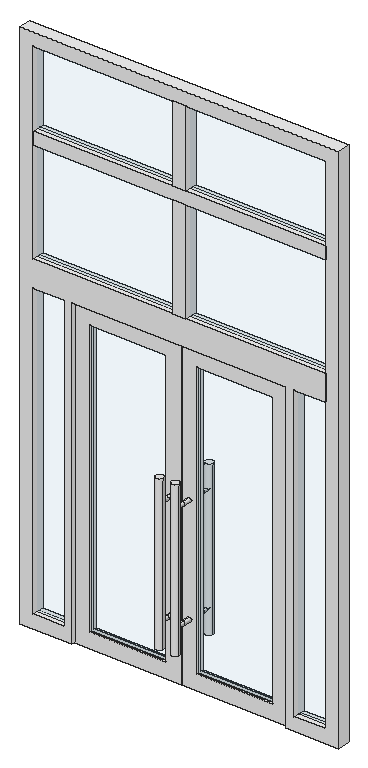
Revit family
Parameters (values of type "4200x2500 mm")
  프레임 = ""
  개구부 폭 = 1800 mm
  2프레임 = 프레임
  모서리 = 모서리
  철물 = ""
  Assembly Code = ""
  유리/마감 = ""
  유리 = 유리
  위치/개소 = ""
  부호 = "4/AD"
  문번호 = "4"
  문기호 = "AD"
  Height = 4200 mm
  Wall Closure = (empty or 0)
  Width = 2500 mm
Types (2, lengths in mm): name | 개구부 폭 | Width
  4200x2000 mm | 1920 | 2000
  4200x2500 mm | 1800 | 2500
Reference planes
  plane 1: y = 0
  plane 2 "중심(왼쪽/오른쪽)": x = 0
  plane 3 "왼쪽": x = -1250
  plane 4 "오른쪽": x = 1250
  plane 5: z = 4200
  plane 6 "외부": y = 100
  plane 7 "내부": y = -100
  plane 8: x = -1150
  plane 9: x = 1150
  plane 10: x = 900
  plane 11: x = -900
  plane 12: x = -840
  plane 13: x = 840
  plane 14: y = 12.5
  plane 15: y = -12.5
  plane 16: y = -50
  plane 17: z = 4100
  plane 18: y = 50
  plane 19: z = 2600
  plane 20: z = -300
  plane 21: z = 2400
  plane 22: z = 600
  plane 23: z = 1500
  plane 24: x = -50
  plane 25: x = 50
  plane 26: z = 100
  plane 27: z = 3400
  plane 28: z = 3500
Forms (mm)
  Extrusion 1, solid, material "프레임" <- "2프레임"
    sketch origin (0, 0, 0) x (1, 0, 0) y (0, 1, 0)
      loop
        line (-1150, 50) -> (-1250, 50) -> (-1250, -50) -> (-1150, -50) -> (-1150, 50)
    from 0 to 4100
  Extrusion 2, solid, material "프레임" <- "2프레임"
    sketch origin (1450, 0, 0) x (1, 0, 0) y (0, 1, 0)
      loop
        line (-2290, 50) -> (-2350, 50) -> (-2350, -50) -> (-2290, -50) -> (-2290, 50)
    from 0 to 2400
  Extrusion 3, solid, material "프레임" <- "2프레임"
    sketch origin (3300.295, 0, 0) x (1, 0, 0) y (0, 1, 0)
      loop
        line (-2400, 50) -> (-2460, 50) -> (-2460, -50) -> (-2400, -50) -> (-2400, 50)
    from 0 to 2400
  Extrusion 4, solid, material "프레임" <- "2프레임"
    sketch origin (4750.295, 0, 0) x (1, 0, 0) y (0, 1, 0)
      loop
        line (-3500, 50) -> (-3600, 50) -> (-3600, -50) -> (-3500, -50) -> (-3500, 50)
    from 0 to 4100
  Extrusion 5, solid, material "프레임" <- "2프레임"
    sketch origin (0, 0, 0) x (1, 0, 0) y (0, 1, 0)
      loop
        line (-1250, 50) -> (-1250, -50) -> (1250.295, -50) -> (1250.295, 50) -> (-1250, 50)
    from 4100 to 4200
  Extrusion 6, solid, material "유리" <- "유리"
    sketch origin (0, 0, 0) x (1, 0, 0) y (0, 1, 0)
      loop
        line (-900, -12.5) -> (-900, 12.5) -> (-1150, 12.5) -> (-1150, -12.5) -> (-900, -12.5)
      loop
        line (900.295, -12.5) -> (1150, -12.5) -> (1150, 12.5) -> (900.295, 12.5) -> (900.295, -12.5)
    from 100 to 2400
  Extrusion 7, solid, material "유리" <- "유리"
    sketch origin (0, 0, 0) x (1, 0, 0) y (0, 1, 0)
      loop
        line (-840, -12.5) -> (0, -12.5) -> (0, 12.5) -> (-840, 12.5) -> (-840, -12.5)
    from 0 to 2400
  Extrusion 8, solid, material "유리" <- "유리"
    sketch origin (0, 0, 0) x (1, 0, 0) y (0, 1, 0)
      loop
        line (840, -12.5) -> (840, 12.5) -> (0, 12.5) -> (0, -12.5) -> (840, -12.5)
    from 0 to 2400
  Extrusion 9, solid, material "프레임" <- "2프레임"
    sketch origin (60, 0, 0) x (1, 0, 0) y (0, 1, 0)
      loop
        line (-1210, 50) -> (-1210, -50) -> (1090, -50) -> (1090, 50) -> (-1210, 50)
    from 2400 to 2600
  Extrusion 10, solid, material "프레임" <- "2프레임"
    sketch origin (0, 0, 0) x (1, 0, 0) y (0, 1, 0)
      loop
        line (-1150, 50) -> (-1150, -50) -> (-900, -50) -> (-900, 50) -> (-1150, 50)
      loop
        line (900.295, -50) -> (1150.295, -50) -> (1150.295, 50) -> (900.295, 50) -> (900.295, -50)
    from 0 to 100
  Extrusion 11, solid, material "유리" <- "유리"
    sketch origin (0, 0, 0) x (1, 0, 0) y (0, 1, 0)
      loop
        line (-1150, -12.5) -> (-50, -12.5) -> (-50, 12.5) -> (-1150, 12.5) -> (-1150, -12.5)
      loop
        line (50, -12.5) -> (1150, -12.5) -> (1150, 12.5) -> (50, 12.5) -> (50, -12.5)
    from 2600 to 3400
  Sweep 12, solid, material "모서리" <- "모서리"
    path origin (4157.029, -12.5, 1200) x (1, 0, 0) y (0, 0, 1)
      loop
        line (-4157.029, -1200) -> (-3316.735, -1200) -> (-3316.735, 1200) -> (-4157.029, 1200) -> (-4157.029, -1200)
    profile origin (0, -12.5, 1200) x (-1, 0, 0) y (0, -1, 0)
      loop
        line (0, 0) -> (0, 15) -> (-120, 15) -> (-120, 0) -> (0, 0)
  Sweep 13, solid, material "모서리" <- "모서리"
    path origin (3256.735, -12.5, 1200) x (1, 0, 0) y (0, 0, 1)
      loop
        line (-4097.029, -1200) -> (-3256.735, -1200) -> (-3256.735, 1200) -> (-4097.029, 1200) -> (-4097.029, -1200)
    profile origin (-840.295, -12.5, 1200) x (-1, 0, 0) y (0, -1, 0)
      loop
        line (0, 0) -> (0, 15) -> (-120, 15) -> (-120, 0) -> (0, 0)
  Sweep 14, solid, material "모서리" <- "모서리"
    path origin (4157.029, 27.5, 1200) x (1, 0, 0) y (0, 0, 1)
      loop
        line (-4157.029, -1200) -> (-3316.735, -1200) -> (-3316.735, 1200) -> (-4157.029, 1200) -> (-4157.029, -1200)
    profile origin (0, 27.5, 1200) x (-1, 0, 0) y (0, -1, 0)
      loop
        line (0, 0) -> (0, 15) -> (-120, 15) -> (-120, 0) -> (0, 0)
  Sweep 15, solid, material "모서리" <- "모서리"
    path origin (3256.735, 27.5, 1200) x (1, 0, 0) y (0, 0, 1)
      loop
        line (-4097.029, -1200) -> (-3256.735, -1200) -> (-3256.735, 1200) -> (-4097.029, 1200) -> (-4097.029, -1200)
    profile origin (-840.295, 27.5, 1200) x (-1, 0, 0) y (0, -1, 0)
      loop
        line (0, 0) -> (0, 15) -> (-120, 15) -> (-120, 0) -> (0, 0)
  Extrusion 16, solid, material "프레임" <- "2프레임"
    sketch origin (0, 0, 0) x (1, 0, 0) y (0, 1, 0)
      loop
        line (-1150, 50) -> (-1150, -50) -> (1150, -50) -> (1150, 50) -> (-1150, 50)
    from 3400 to 3500
  Extrusion 17, solid, material "유리" <- "유리"
    sketch origin (0, 0, 710) x (1, 0, 0) y (0, 1, 0)
      loop
        line (-1150, -12.5) -> (-50, -12.5) -> (-50, 12.5) -> (-1150, 12.5) -> (-1150, -12.5)
      loop
        line (50, -12.5) -> (1150, -12.5) -> (1150, 12.5) -> (50, 12.5) -> (50, -12.5)
    from 2790 to 3390
  Extrusion 18, solid, material "프레임" <- "2프레임"
    sketch origin (0, 0, 0) x (1, 0, 0) y (0, 1, 0)
      loop
        line (-50, -50) -> (50, -50) -> (50, 50) -> (-50, 50) -> (-50, -50)
    from 2600 to 3400
  Extrusion 19, solid, material "프레임" <- "2프레임"
    sketch origin (0, 0, 750) x (1, 0, 0) y (0, 1, 0)
      loop
        line (-50, -50) -> (50, -50) -> (50, 50) -> (-50, 50) -> (-50, -50)
    from 2750 to 3350
Cuts and joins
  joined: Extrusion 1, Extrusion 2, Extrusion 3, Extrusion 4, Extrusion 5, Extrusion 9, Extrusion 10
Lines and regions (mm)
  Opening 1
    outline origin (-3050, -100, 0) x (1, 0, 0) y (0, 0, 1)
      loop
        line (1800, 0) -> (4300, 0) -> (4300, 4200) -> (1800, 4200) -> (1800, 0)
  symbolic lines, style "평면 스윙"
    curve 1: line (816, 12.5, 0) -> (816, 793.945, 0)
    curve 2: line (816, 793.945, 0) -> (840, 793.945, 0)
    curve 3: line (840, 793.945, 0) -> (840, -2.769, 0)
    curve 4: line (-816, -0.2, 0) -> (-816, 793.804, 0)
    curve 5: line (-839.938, 793.804, 0) -> (-839.938, -16.456, 0)
    curve 6: line (-816, -798.774, 0) -> (-839.938, -798.774, 0)
    curve 7: line (-816, -0.2, 0) -> (-816, -798.774, 0)
    curve 8: line (-839.938, -798.774, 0) -> (-839.938, -16.456, 0)
    curve 9: line (816, -798.775, 0) -> (840, -798.775, 0)
    curve 10: line (816, -12.5, 0) -> (816, -798.775, 0)
    curve 11: line (840, -798.775, 0) -> (840, -2.769, 0)
  symbolic lines, style "입면도 스윙"
    curve 12: line (-816, 793.804, 0) -> (-839.938, 793.804, 0)
    curve 13: arc (-839.938, 793.804, 0) -> (-248.897, 586.912, 0) -> (0.278, 12.417, 0) r 781.141
    curve 14: arc (0.278, 12.417, 0) -> (241.009, 577.623, 0) -> (816, 793.945, 0) r 781.119
    curve 15: arc (-816, -798.774, 0) -> (-241.252, -583.056, 0) -> (0.022, -18.559, 0) r 781
    curve 16: arc (0.022, -18.559, 0) -> (241.28, -583.04, 0) -> (816, -798.775, 0) r 781
  symbolic lines
    curve 17: line (816, -12.5, 0) -> (816, 12.5, 0)
    curve 18: line (0.278, 12.417, 0) -> (0.022, -18.559, 0)
  symbolic lines, style "DoorsOpeningProjection"
    curve 19: line (1255, 100, 4205) -> (-1255, 100, 4205)
    curve 20: line (1245, 100, 5) -> (-1245, 100, 5)
    curve 21: line (-1250, 100, 5100) -> (-1250, 100, -300)
    curve 22: line (1255, 100, 4205) -> (1255, 100, 0)
    curve 23: line (-1255, 100, 4205) -> (-1255, 100, 0)
    curve 24: line (-1245, 100, 4195) -> (-1245, 100, 5)
    curve 25: line (1550, 100, 4200) -> (-1550, 100, 4200)
    curve 26: line (1245, 100, 4195) -> (-1245, 100, 4195)
    curve 27: line (1250, 100, 5100) -> (1250, 100, -300)
    curve 28: line (1245, 100, 4195) -> (1245, 100, 5)
    curve 29: line (1550.295, 100, 0) -> (-1550, 100, 0)
Text (mm)
  text "외부" at (-2295.016, 1099.543, 0), in view "참조 레벨"
  text "외부" at (0, 1615.38, 3698.081), in view "왼쪽"
  text "외부" at (0, 1036.032, 3874.932), in view "오른쪽"
Dimensions and locks
  equal spacing: plane 3 "왼쪽", plane 2 "중심(왼쪽/오른쪽)", plane 4 "오른쪽"
  "Width": plane 3 "왼쪽" to plane 4 "오른쪽"
  "Height": level to plane 5
  host wall to plane 5 = 4200 mm
  locked: plane 6 "외부" to host wall at 0
  locked: plane 7 "내부" to host wall
  locked: plane 13 to plane 10 at 60
  plane 9 to plane 4 "오른쪽" = 100 mm
  locked: plane 15 to plane 14 at 25
  plane 17 to plane 5 = 100 mm
  "개구부 폭": plane 11 to plane 10
  locked: plane 3 "왼쪽" to plane 8 at 100
  locked: plane 11 to plane 12 at 60
  level to plane 19 = 2600 mm
  locked: curve 29 to curve 20 at 5
  curve 24 to curve 21 to curve 23 = 5 mm locked, 5 mm locked
  curve 26 to curve 25 to curve 19 = 5 mm locked, 5 mm locked
  curve 22 to curve 27 to curve 28 = 5 mm locked, 5 mm locked
  locked: curve 25 to curve 27 at 300
  curve 21 to curve 25 = 300 mm
  locked: curve 29 to plane 3 "왼쪽" at 300
  locked: plane 4 "오른쪽" to curve 29 at 300.295
  locked: plane 21 to plane 19 at 200
  level to plane 22 to plane 23 = 600 mm, 900 mm
  equal spacing: plane 16, plane 1, plane 18
  locked: plane 16 to plane 18 at 100
  equal spacing: plane 11, plane 2 "중심(왼쪽/오른쪽)", plane 10
  level to plane 26 = 100 mm
  plane 25 to plane 24 = 100 mm
  level to plane 27 = 3400 mm
  plane 21 to plane 27 = 1000 mm
  locked: plane 27 to plane 28 at 100
  aligned and locked: plane 3 "왼쪽" to Opening 1 sketch curve
  aligned and locked: plane 5 to Opening 1 sketch curve  (x2)
  aligned and locked: Opening 1 sketch curve to plane 4 "오른쪽"
  aligned and locked: Opening 1 sketch curve to level
  aligned and locked: plane 1 to host wall
  aligned and locked: plane 8 to Extrusion 1 sketch curve
  aligned and locked: plane 3 "왼쪽" to Extrusion 1 sketch curve
  aligned and locked: Extrusion 4 to plane 17
  aligned and locked: Extrusion 1 to plane 17
  aligned and locked: Extrusion 4 to Extrusion 5 sketch curve
  aligned and locked: Extrusion 5 sketch curve to Extrusion 4
  aligned and locked: Extrusion 5 to host wall
  aligned and locked: plane 11 to Extrusion 6 sketch curve
  aligned and locked: Extrusion 6 sketch curve to plane 15
  aligned and locked: plane 14 to Extrusion 6 sketch curve  (x2)
  aligned and locked: Extrusion 6 sketch curve to plane 8
  aligned and locked: cut or joined group of Extrusion 1, Extrusion 2, Extrusion 3, Extrusion 4, Extrusion 5, Extrusion 9, Extrusion 10 to Extrusion 6 sketch curve
  aligned and locked: plane 15 to Extrusion 6 sketch curve
  aligned and locked: plane 14 to Extrusion 7 sketch curve
  aligned and locked: plane 14 to Extrusion 8 sketch curve
  aligned and locked: plane 18 to Extrusion 4
  aligned and locked: plane 18 to Extrusion 3
  aligned and locked: plane 18 to Extrusion 2
  aligned and locked: Extrusion 8 to plane 13
  aligned and locked: plane 12 to Extrusion 7
  aligned and locked: Extrusion 8 to plane 2 "중심(왼쪽/오른쪽)"
  aligned and locked: plane 2 "중심(왼쪽/오른쪽)" to Extrusion 7
  aligned and locked: Extrusion 6 to cut or joined group of Extrusion 1, Extrusion 2, Extrusion 3, Extrusion 4, Extrusion 5, Extrusion 9, Extrusion 10
  aligned and locked: cut or joined group of Extrusion 1, Extrusion 2, Extrusion 3, Extrusion 4, Extrusion 5, Extrusion 9, Extrusion 10 to Extrusion 10 sketch curve  (x2)
  aligned and locked: Extrusion 10 sketch curve to cut or joined group of Extrusion 1, Extrusion 2, Extrusion 3, Extrusion 4, Extrusion 5, Extrusion 9, Extrusion 10  (x3)
  aligned and locked: Extrusion 6 to Extrusion 10
  aligned and locked: Extrusion 9 sketch curve to plane 18
  aligned and locked: Extrusion 5 sketch curve to plane 18
  aligned and locked: Extrusion 6 to Extrusion 11 sketch curve  (x3)
  aligned and locked: Extrusion 11 sketch curve to Extrusion 6  (x3)
  aligned and locked: Sweep 13 to nested 1
  aligned and locked: Extrusion 11 to cut or joined group of Extrusion 1, Extrusion 2, Extrusion 3, Extrusion 4, Extrusion 5, Extrusion 9, Extrusion 10
  aligned and locked: Extrusion 8 to cut or joined group of Extrusion 1, Extrusion 2, Extrusion 3, Extrusion 4, Extrusion 5, Extrusion 9, Extrusion 10
  aligned and locked: Extrusion 7 to cut or joined group of Extrusion 1, Extrusion 2, Extrusion 3, Extrusion 4, Extrusion 5, Extrusion 9, Extrusion 10
  aligned and locked: curve 17 to curve 1
  aligned and locked: plane 5 to curve 25
  aligned and locked: curve 29 to level
  aligned and locked: plane 3 "왼쪽" to cut or joined group of Extrusion 1, Extrusion 2, Extrusion 3, Extrusion 4, Extrusion 5, Extrusion 9, Extrusion 10
  aligned and locked: curve 21 to plane 3 "왼쪽"
  aligned and locked: curve 27 to plane 4 "오른쪽"
  aligned and locked: plane 21 to Extrusion 6
  aligned and locked: plane 21 to Sweep 14 sketch curve
  aligned and locked: plane 21 to Sweep 15 sketch curve
  aligned and locked: plane 21 to Sweep 12 sketch curve
  aligned and locked: plane 21 to Sweep 13 sketch curve
  aligned and locked: plane 23 to nested 3
  aligned and locked: plane 23 to nested 1
  aligned and locked: nested 4 to plane 23
  aligned and locked: nested 2 to plane 23
  aligned and locked: plane 19 to Extrusion 9
  aligned and locked: Sweep 14 to Extrusion 6
  aligned and locked: Sweep 15 to Extrusion 6
  aligned and locked: Sweep 14 to nested 4
  aligned and locked: nested 3 to Sweep 15
  aligned and locked: Extrusion 10 sketch curve to plane 18
  aligned and locked: Extrusion 10 sketch curve to plane 16
  aligned and locked: plane 16 to Extrusion 10 sketch curve
  aligned and locked: Extrusion 2 to Extrusion 1
  aligned and locked: plane 16 to cut or joined group of Extrusion 1, Extrusion 2, Extrusion 3, Extrusion 4, Extrusion 5, Extrusion 9, Extrusion 10
  aligned and locked: Extrusion 6 to plane 9
  aligned and locked: plane 26 to cut or joined group of Extrusion 1, Extrusion 2, Extrusion 3, Extrusion 4, Extrusion 5, Extrusion 9, Extrusion 10
  aligned and locked: Extrusion 16 sketch curve to cut or joined group of Extrusion 1, Extrusion 2, Extrusion 3, Extrusion 4, Extrusion 5, Extrusion 9, Extrusion 10
  aligned and locked: cut or joined group of Extrusion 1, Extrusion 2, Extrusion 3, Extrusion 4, Extrusion 5, Extrusion 9, Extrusion 10 to Extrusion 16 sketch curve
  aligned and locked: Extrusion 16 sketch curve to plane 8
  aligned and locked: plane 9 to Extrusion 16 sketch curve
  aligned and locked: Extrusion 11 to Extrusion 16
  aligned and locked: Extrusion 3 to cut or joined group of Extrusion 1, Extrusion 2, Extrusion 3, Extrusion 4, Extrusion 5, Extrusion 9, Extrusion 10
  aligned and locked: Extrusion 2 to Extrusion 3
  aligned and locked: Extrusion 16 to plane 28
  aligned and locked: Extrusion 17 to Extrusion 16
  aligned and locked: plane 24 to Extrusion 18 sketch curve
  aligned and locked: plane 16 to Extrusion 18 sketch curve
  aligned and locked: plane 18 to Extrusion 18 sketch curve
  aligned and locked: plane 25 to Extrusion 18 sketch curve
  aligned and locked: Extrusion 19 to plane 17
  aligned and locked: Extrusion 18 to Extrusion 16
  aligned and locked: Extrusion 18 to cut or joined group of Extrusion 1, Extrusion 2, Extrusion 3, Extrusion 4, Extrusion 5, Extrusion 9, Extrusion 10
  aligned and locked: Extrusion 19 to Extrusion 16
  aligned and locked: Extrusion 5 to Extrusion 1
  aligned and locked: Extrusion 17 to plane 17
  aligned and locked: plane 27 to Extrusion 16
Automatic sketch dimensions
  Extrusion 1 sketch curve to plane 16 = 0 mm
  Extrusion 1 sketch curve to plane 18 = 0 mm
  Extrusion 2 sketch curve to plane 11 = 0 mm
  Extrusion 2 sketch curve to plane 12 = 0 mm
  Extrusion 2 sketch curve to plane 16 = 0 mm
  Extrusion 2 sketch curve to plane 18 = 0 mm
  Extrusion 3 sketch curve to plane 18 = 0 mm
  Extrusion 3 sketch curve to plane 16 = 0 mm
  Extrusion 3 sketch curve to plane 13 = 0.295 mm
  Extrusion 3 sketch curve to plane 10 = 0.295 mm
  Extrusion 4 sketch curve to plane 18 = 0 mm
  Extrusion 4 sketch curve to plane 16 = 0 mm
  Extrusion 4 sketch curve to plane 9 = 0.295 mm
  Extrusion 4 sketch curve to plane 4 "오른쪽" = 0.295 mm
  Extrusion 5 sketch curve to plane 3 "왼쪽" = 0 mm
  Extrusion 7 sketch curve to plane 12 = 0 mm
  Extrusion 7 sketch curve to plane 2 "중심(왼쪽/오른쪽)" = 0 mm
  Extrusion 7 sketch curve to plane 15 = 0 mm
  Extrusion 8 sketch curve to plane 2 "중심(왼쪽/오른쪽)" = 0 mm
  Extrusion 8 sketch curve to plane 13 = 0 mm
  Extrusion 8 sketch curve to plane 15 = 0 mm
  curve 10 to plane 15 = 0 mm
  curve 1 to plane 14 = 0 mm
  curve 9 to plane 13 = 0 mm
  plane 13 to curve 16 = 24 mm
  curve 14 to plane 14 = 1.094 mm
  curve 14 to curve 1 = 34.604 mm
  plane 15 to curve 16 = 6.058 mm
  curve 16 to curve 14 = 0.374 mm
  plane 14 to curve 14 = 0.083 mm
  plane 2 "중심(왼쪽/오른쪽)" to curve 14 = 0.278 mm
  plane 2 "중심(왼쪽/오른쪽)" to curve 18 = 0.022 mm
  curve 13 to plane 14 = 2.4 mm
  curve 13 to plane 12 = 59.141 mm
  plane 15 to curve 15 = 6.06 mm
  curve 15 to curve 13 = 0.119 mm
  curve 7 to plane 12 = 24 mm
  curve 5 to plane 12 = 0.062 mm
  plane 15 to curve 5 = 3.956 mm
  host wall to curve 11 = 2.769 mm
  host wall to curve 7 = 0.2 mm
  Extrusion 9 sketch curve to plane 8 = 0 mm
  Extrusion 9 sketch curve to plane 9 = 0 mm
  Extrusion 9 sketch curve to plane 16 = 0 mm
  curve 27 to plane 20 = 0 mm
  curve 21 to plane 20 = 0 mm
  curve 19 to curve 27 = 895 mm
  curve 19 to curve 21 = 895 mm
  Extrusion 17 sketch curve to plane 8 = 0 mm
  Extrusion 17 sketch curve to plane 14 = 0 mm  (x2)
  Extrusion 17 sketch curve to plane 24 = 0 mm
  Extrusion 17 sketch curve to plane 15 = 0 mm  (x2)
  Extrusion 17 sketch curve to plane 25 = 0 mm
  Extrusion 17 sketch curve to plane 9 = 0 mm
  Extrusion 19 sketch curve to plane 18 = 0 mm
  Extrusion 19 sketch curve to plane 24 = 0 mm
  Extrusion 19 sketch curve to plane 25 = 0 mm
  Extrusion 19 sketch curve to plane 16 = 0 mm
  Extrusion 6 sketch curve to plane 9 = 0 mm
  Extrusion 11 sketch curve to plane 24 = 0 mm
  Extrusion 11 sketch curve to plane 25 = 0 mm
  Sweep 12 sketch curve to plane 2 "중심(왼쪽/오른쪽)" = 0 mm
  Sweep 12 sketch curve to level = 0 mm
  Sweep 12 sketch curve to plane 13 = 0.295 mm
  Sweep 12 sketch curve to plane 15 = 0 mm
  Sweep 12 sketch curve to profile plane = 0 mm
  plane 15 to Sweep 12 sketch curve = 15 mm
  Sweep 12 sketch curve to Sweep 12 sketch curve = 120 mm
  Sweep 13 sketch curve to level = 0 mm
  Sweep 13 sketch curve to plane 2 "중심(왼쪽/오른쪽)" = 0 mm
  plane 12 to Sweep 13 sketch curve = 0.295 mm
  Sweep 13 sketch curve to plane 15 = 0 mm
  Sweep 13 sketch curve to profile plane = 0 mm
  plane 15 to Sweep 13 sketch curve = 15 mm
  Sweep 13 sketch curve to Sweep 13 sketch curve = 120 mm
  Sweep 14 sketch curve to plane 2 "중심(왼쪽/오른쪽)" = 0 mm
  Sweep 14 sketch curve to level = 0 mm
  Sweep 14 sketch curve to plane 13 = 0.295 mm
  Sweep 14 sketch curve to profile plane = 0 mm  (x2)
  profile plane to Sweep 14 sketch curve = 15 mm
  Sweep 14 sketch curve to Sweep 14 sketch curve = 120 mm
  Sweep 15 sketch curve to level = 0 mm
  Sweep 15 sketch curve to plane 2 "중심(왼쪽/오른쪽)" = 0 mm
  plane 12 to Sweep 15 sketch curve = 0.295 mm
  Sweep 15 sketch curve to profile plane = 0 mm  (x2)
  profile plane to Sweep 15 sketch curve = 15 mm
  Sweep 15 sketch curve to Sweep 15 sketch curve = 120 mm
Nested families
  nested 1: "KO_문 손잡이 유형3" at (-61, -27.5, -300), type "핸들 유형3 01 길이600"
  nested 2: "KO_문 손잡이 유형3" at (61, -25, -300) x (-1, 0, 0) z (0, 0, 1), type "핸들 유형3 01 길이600"
  nested 3: "KO_문 손잡이 유형3" at (-61, 27.5, -300), type "핸들 유형3 01 길이600"
  nested 4: "KO_문 손잡이 유형3" at (61, 27.5, -300) x (-1, 0, 0) z (0, 0, 1), type "핸들 유형3 01 길이600"
Definition of nested family "KO_문 손잡이 유형3"
  Parameters (values of type "핸들 유형3 01 길이600")
    링크 점 = 180 mm
    링크 재료 = 금속 - 크롬(2)
    핸들 재료 = 금속 - 크롬(2)
    핸들 깊이 = 140 mm
    핸들 반지름 = 30 mm
    기둥 점 = 600 mm
    핸들 길이 = 1200 mm
    Assembly Code = ""
  Types (3, lengths in mm): name | 링크 점 | 핸들 깊이 | 핸들 반지름 | 기둥 점 | 핸들 길이
    핸들 유형3 01 길이600 | 180 | 140 | 30 | 600 | 1200
    핸들 유형3 02 길이650 | 100 | 80 | 15 | 500 | 650
    핸들 유형3 03 길이700 | 100 | 80 | 15 | 500 | 700
  Reference planes
    plane 1 "중심(앞/뒤)": y = 0
    plane 2: z = 0
    plane 3 "중심(왼쪽/오른쪽)": x = 0
    plane 4 "하드웨어": z = 600
    plane 5: z = 1800
  Forms (mm)
    Sweep 1, solid, material "금속 - 크롬(2)" <- "핸들 재료"
      path origin (0, 0, 0) x (0, 1, 0) y (0, 0, 1)
        loop
          line (-140, 1800) -> (-140, 600)
      profile origin (0, 0, 1200) x (1, 0, 0) y (0, 1, 0)
        loop
          circle (0, -140) r 30
    Revolve 2, solid, material "금속 - 크롬(2)" <- "링크 재료"
      sketch origin (0, 0, 0) x (0, 1, 0) y (0, 0, 1)
        loop
          line (-140, 1620) -> (0, 1620) -> (0, 1635) -> (-70, 1635) -> (-140, 1627.081) -> (-140, 1620)
        axis (-140, 1620) -> (0, 1620)
      angle from 0 to 360
    Revolve 3, solid, material "금속 - 크롬(2)" <- "링크 재료"
      sketch origin (0, 0, 0) x (0, 1, 0) y (0, 0, 1)
        loop
          line (0, 780) -> (0, 795) -> (-70, 795) -> (-140, 787.081) -> (-140, 780) -> (0, 780)
        axis (-140, 780) -> (0, 780)
      angle from 0 to 360
  Dimensions and locks
    "기둥 점": plane 4 "하드웨어" to plane 2
    "핸들 길이": plane 5 to plane 4 "하드웨어"
    "핸들 깊이": Sweep 1 sketch curve to plane 1 "중심(앞/뒤)"
    locked: Revolve 2 sketch curve to Revolve 2 sketch curve at 15
    locked: Revolve 2 sketch curve to Revolve 2 sketch curve at 7.081
    "링크 점": Revolve 2 sketch curve to Sweep 1
    locked: Revolve 3 sketch curve to Revolve 3 sketch curve at 7.081
    locked: Revolve 3 sketch curve to Revolve 3 sketch curve at 15
    "링크 점": plane 4 "하드웨어" to Revolve 3 sketch curve
    equal spacing: Revolve 2 sketch curve, Revolve 2 sketch curve, Revolve 2 sketch curve
    equal spacing: Revolve 3 sketch curve, Revolve 3 sketch curve, Revolve 3 sketch curve
    "핸들 반지름": radius of Sweep 1 sketch curve
    aligned and locked: plane 4 "하드웨어" to Sweep 1 sketch curve
    aligned and locked: plane 5 to Sweep 1 sketch curve
    aligned and locked: Sweep 1 to Revolve 2 sketch curve  (x2)
    aligned and locked: Sweep 1 to Revolve 3 sketch curve
    aligned and locked: Revolve 3 sketch curve to plane 1 "중심(앞/뒤)"
  Automatic sketch dimensions
    Sweep 1 sketch curve to plane 3 "중심(왼쪽/오른쪽)" = 0 mm
    Sweep 1 sketch curve to profile plane = 0 mm
    Revolve 2 sketch curve to Revolve 2 sketch curve = 0 mm  (x2)
    Revolve 2 sketch curve to plane 1 "중심(앞/뒤)" = 70 mm
    Revolve 3 sketch curve to Revolve 3 sketch curve = 0 mm  (x2)
    Revolve 3 sketch curve to Revolve 3 sketch curve = 39.243 mm
    Revolve 2 sketch curve to plane 1 "중심(앞/뒤)" = 0 mm
